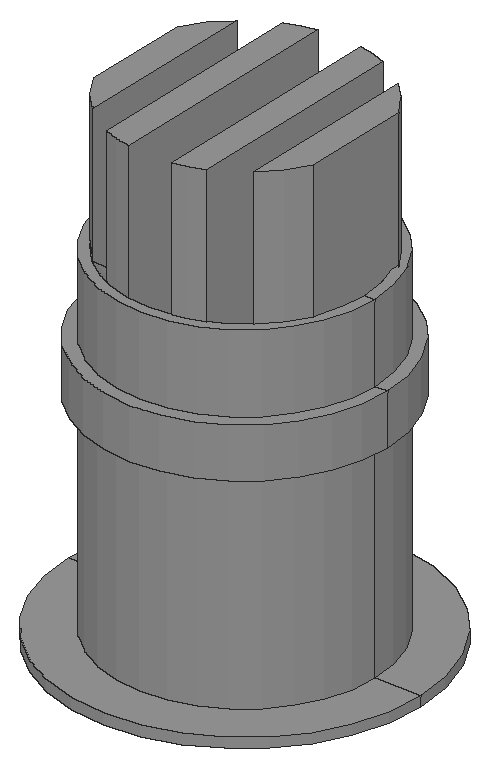
Revit family "Artemide_Everything_35", category Lighting Fixtures, Revit 2018 (continued)
Types (24, lengths in mm): name | Wattage | V_Square | V_Round | Radius_RoundVoidReal | Photometric Web File | built-in parameter 1150142 | M_Louvre | M_HousingLed | built-in parameter 1150105 | Lumens | built-in parameter 1150107 | built-in parameter 1150106 | Product Model Number | Overall Width | Output Lumens Direct light | Input Lumens Direct light | Initial Lumens | IES Files  | Housing Colour  | Face Shape | Efficiency | built-in parameter 1150104 | Distance_SquareVoidReal | Colour Temperature
  Everything_35_Square_14°_2700K_Black_NL4203110Y004 | 1.4 W | yes | no | 0.3 | "NL4203110Y004.IES" | "IESNA:LM-63-2002\r\n[TEST] FTS1602940\r\n[TESTLAB] ARTEMIDE\r\n[TESTDATE] 18 Feb 2015\r\n[ISSUEDATE] 18 Feb 2015\r\n[MANUFAC] ARTEMIDE\r\n[LUMCAT] NL4203110Y004\r\n[LUMINAIRE] Everything 35 square 14° - cornice nera- 2700K\r\n[FLASHAREA] 0.000092\r\n[LAMPCAT] LED Flux=90lm  LED Power=1,4W Eff=74% EfcLed=64lm/W EfcLum=48lm/W Ra=90 SDCM=2 L70(6K)=39300\r\n[LAMP] LED Flux=90lm  LED Power=1,4W Eff=74% EfcLed=64lm/W EfcLum=48lm/W Ra=90 SDCM=2 L70(6K)=39300\r\nTILT=NONE\r\n1 66.60 1.0 91 1 1 2 -0.022 -0.022 0.000\r\n1.00 1.00 1.40\r\n0.00 1.00 2.00 3.00 4.00 5.00 6.00 7.00 8.00 9.00 10.00 \r\n11.00 12.00 13.00 14.00 15.00 16.00 17.00 18.00 19.00 \r\n20.00 21.00 22.00 23.00 24.00 25.00 26.00 27.00 28.00 \r\n29.00 30.00 31.00 32.00 33.00 34.00 35.00 36.00 37.00 \r\n38.00 39.00 40.00 41.00 42.00 43.00 44.00 45.00 46.00 \r\n47.00 48.00 49.00 50.00 51.00 52.00 53.00 54.00 55.00 \r\n56.00 57.00 58.00 59.00 60.00 61.00 62.00 63.00 64.00 \r\n65.00 66.00 67.00 68.00 69.00 70.00 71.00 72.00 73.00 \r\n74.00 75.00 76.00 77.00 78.00 79.00 80.00 81.00 82.00 \r\n83.00 84.00 85.00 86.00 87.00 88.00 89.00 90.00 \r\n0.00 \r\n911.43 896.83 852.69 783.96 699.87 607.77 512.89 418.66 \r\n329.79 250.90 186.96 137.12 99.41 72.56 53.54 40.91 32.22 \r\n26.28 22.30 19.51 17.55 15.98 14.59 13.41 12.32 11.27 \r\n10.30 9.38 8.46 7.62 6.80 6.14 5.49 4.89 4.29 3.73 3.23 \r\n2.76 2.36 1.95 1.56 1.20 0.90 0.69 0.54 0.47 0.40 0.34 \r\n0.27 0.22 0.17 0.12 0.07 0.04 0.02 0.01 0.00 0.00 0.00 \r\n0.00 0.00 0.00 0.00 0.00 0.00 0.00 0.00 0.00 0.00 0.00 \r\n0.00 0.00 0.00 0.00 0.00 0.00 0.00 0.00 0.00 0.00 0.00 \r\n0.00 0.00 0.00 0.00 0.00 0.00 0.00 0.00 0.00 0.00 \r\n" | Artemide_Aluminum_Black | Artemide_Aluminum_Black | 458.84 (stored number, unit not read) | 95.76 lm | 2700 (stored number, unit not read) | 4.5884 (stored number, unit not read) | "NL4203110Y004" | 35 | 67 | 90 | 67 | "https://www.artemide.com/product/downloadFile/4342871/ieseu/4916643" | "Black" | "Square" | 76 | 6.3546 (stored number, unit not read) | 24.881 | 2700
  Everything_35_Square_14°_2700K_Silver_NL4203110Y002 | 1.4 W | yes | no | 0.3 | "NL4203110Y002.IES" | "IESNA:LM-63-2002\r\n[TEST] FTS1602938\r\n[TESTLAB] ARTEMIDE\r\n[TESTDATE] 18 Feb 2015\r\n[ISSUEDATE] 18 Feb 2015\r\n[MANUFAC] ARTEMIDE\r\n[LUMCAT] NL4203110Y002\r\n[LUMINAIRE] Everything 35 square 14° - cornice grigia- 2700K\r\n[FLASHAREA] 0.000092\r\n[LAMPCAT] LED Flux=90lm  LED Power=1,4W Eff=76% EfcLed=64lm/W EfcLum=49lm/W Ra=90 SDCM=2 L70(6K)=39300\r\n[LAMP] LED Flux=90lm  LED Power=1,4W Eff=76% EfcLed=64lm/W EfcLum=49lm/W Ra=90 SDCM=2 L70(6K)=39300\r\nTILT=NONE\r\n1 68.40 1.0 91 1 1 2 -0.022 -0.022 0.000\r\n1.00 1.00 1.40\r\n0.00 1.00 2.00 3.00 4.00 5.00 6.00 7.00 8.00 9.00 10.00 \r\n11.00 12.00 13.00 14.00 15.00 16.00 17.00 18.00 19.00 \r\n20.00 21.00 22.00 23.00 24.00 25.00 26.00 27.00 28.00 \r\n29.00 30.00 31.00 32.00 33.00 34.00 35.00 36.00 37.00 \r\n38.00 39.00 40.00 41.00 42.00 43.00 44.00 45.00 46.00 \r\n47.00 48.00 49.00 50.00 51.00 52.00 53.00 54.00 55.00 \r\n56.00 57.00 58.00 59.00 60.00 61.00 62.00 63.00 64.00 \r\n65.00 66.00 67.00 68.00 69.00 70.00 71.00 72.00 73.00 \r\n74.00 75.00 76.00 77.00 78.00 79.00 80.00 81.00 82.00 \r\n83.00 84.00 85.00 86.00 87.00 88.00 89.00 90.00 \r\n0.00 \r\n782.08 772.52 744.16 696.84 633.47 559.41 480.21 399.67 \r\n323.82 256.40 200.60 154.39 117.10 88.44 67.07 51.56 \r\n40.40 32.19 26.49 22.50 19.66 17.55 15.76 14.34 13.08 \r\n11.99 11.03 10.10 9.25 8.47 7.74 7.08 6.47 5.88 5.27 4.69 \r\n4.10 3.59 3.11 2.67 2.26 1.88 1.53 1.30 1.16 1.06 0.98 \r\n0.90 0.83 0.76 0.69 0.63 0.58 0.52 0.46 0.41 0.38 0.35 \r\n0.28 0.21 0.14 0.07 0.00 0.00 0.00 0.00 0.00 0.00 0.00 \r\n0.00 0.00 0.00 0.00 0.00 0.00 0.00 0.00 0.00 0.00 0.00 \r\n0.00 0.00 0.00 0.00 0.00 0.00 0.00 0.00 0.00 0.00 0.00 \r\n" | Artemide_Aluminum_BrushedSilver | Artemide_Aluminum_BrushedSilver | 458.84 (stored number, unit not read) | 95.76 lm | 2700 (stored number, unit not read) | 4.5884 (stored number, unit not read) | "NL4203110Y002" | 35 | 68 | 90 | 68 | "https://www.artemide.com/product/downloadFile/4343079/ieseu/4916544" | "Silver" | "Square" | 76 | 6.3546 (stored number, unit not read) | 24.881 | 2700
  Everything_35_Square_24°_2700K_White_NL4203125Y006 | 1.4 W | yes | no | 0.3 | "NL4203125Y006.IES" | "IESNA:LM-63-2002\r\n[TEST] FTS1602937\r\n[TESTLAB] ARTEMIDE\r\n[TESTDATE] 19 Feb 2015\r\n[ISSUEDATE] 19 Feb 2015\r\n[MANUFAC] ARTEMIDE\r\n[LUMCAT] NL4203125Y006\r\n[LUMINAIRE] Everything 35 square 24° - cornice bianca - 2700K\r\n[FLASHAREA] 0.000092\r\n[LAMPCAT] LED Flux=90lm  LED Power=1,4W Eff=78% EfcLed=64lm/W EfcLum=50lm/W Ra=90 SDCM=2 L70(6K)=39300\r\n[LAMP] LED Flux=90lm  LED Power=1,4W Eff=78% EfcLed=64lm/W EfcLum=50lm/W Ra=90 SDCM=2 L70(6K)=39300\r\nTILT=NONE\r\n1 70.20 1.0 91 1 1 2 -0.022 -0.022 0.000\r\n1.00 1.00 1.40\r\n0.00 1.00 2.00 3.00 4.00 5.00 6.00 7.00 8.00 9.00 10.00 \r\n11.00 12.00 13.00 14.00 15.00 16.00 17.00 18.00 19.00 \r\n20.00 21.00 22.00 23.00 24.00 25.00 26.00 27.00 28.00 \r\n29.00 30.00 31.00 32.00 33.00 34.00 35.00 36.00 37.00 \r\n38.00 39.00 40.00 41.00 42.00 43.00 44.00 45.00 46.00 \r\n47.00 48.00 49.00 50.00 51.00 52.00 53.00 54.00 55.00 \r\n56.00 57.00 58.00 59.00 60.00 61.00 62.00 63.00 64.00 \r\n65.00 66.00 67.00 68.00 69.00 70.00 71.00 72.00 73.00 \r\n74.00 75.00 76.00 77.00 78.00 79.00 80.00 81.00 82.00 \r\n83.00 84.00 85.00 86.00 87.00 88.00 89.00 90.00 \r\n0.00 \r\n336.37 334.35 328.76 320.57 310.31 297.76 283.12 266.16 \r\n247.97 228.09 207.44 186.30 165.40 145.59 126.47 108.67 \r\n92.61 78.22 65.65 54.74 45.35 37.45 30.85 25.65 21.40 \r\n18.05 15.40 13.25 11.52 10.10 8.89 7.90 6.98 6.19 5.51 \r\n4.88 4.35 3.87 3.43 3.04 2.69 2.38 2.10 1.87 1.68 1.49 \r\n1.35 1.25 1.15 1.07 0.99 0.92 0.86 0.82 0.77 0.71 0.66 \r\n0.61 0.56 0.50 0.45 0.40 0.36 0.33 0.31 0.27 0.25 0.20 \r\n0.18 0.16 0.13 0.09 0.05 0.03 0.00 0.00 0.00 0.00 0.00 \r\n0.00 0.00 0.00 0.00 0.00 0.00 0.00 0.00 0.00 0.00 0.00 \r\n0.00 \r\n" | Artemide_Aluminum_White | Artemide_Aluminum_White | 1123.7 (stored number, unit not read) | 98.28 lm | 2700 (stored number, unit not read) | 11.237 (stored number, unit not read) | "NL4203125Y006" | 35 | 70 | 90 | 70 | "https://www.artemide.com/product/downloadFile/4343287/ieseu/4916777" | "White" | "Square" | 78 | 6.5218 (stored number, unit not read) | 24.881 | 2700
  Everything_35_Square_24°_2700K_Black_NL4203125Y004 | 1.4 W | yes | no | 0.3 | "NL4203125Y004.IES" | "IESNA:LM-63-2002\r\n[TEST] FTS1602941\r\n[TESTLAB] ARTEMIDE\r\n[TESTDATE] 19 Feb 2015\r\n[ISSUEDATE] 19 Feb 2015\r\n[MANUFAC] ARTEMIDE\r\n[LUMCAT] NL4203125Y004\r\n[LUMINAIRE] Everything 35 square 24° - cornice nera - 2700K\r\n[FLASHAREA] 0.000092\r\n[LAMPCAT] LED Flux=90lm  LED Power=1,4W Eff=74% EfcLed=64lm/W EfcLum=48lm/W Ra=90 SDCM=2 L70(6K)=39300\r\n[LAMP] LED Flux=90lm  LED Power=1,4W Eff=74% EfcLed=64lm/W EfcLum=48lm/W Ra=90 SDCM=2 L70(6K)=39300\r\nTILT=NONE\r\n1 66.32 1.0 91 1 1 2 -0.022 -0.022 0.000\r\n1.00 1.00 1.40\r\n0.00 1.00 2.00 3.00 4.00 5.00 6.00 7.00 8.00 9.00 10.00 \r\n11.00 12.00 13.00 14.00 15.00 16.00 17.00 18.00 19.00 \r\n20.00 21.00 22.00 23.00 24.00 25.00 26.00 27.00 28.00 \r\n29.00 30.00 31.00 32.00 33.00 34.00 35.00 36.00 37.00 \r\n38.00 39.00 40.00 41.00 42.00 43.00 44.00 45.00 46.00 \r\n47.00 48.00 49.00 50.00 51.00 52.00 53.00 54.00 55.00 \r\n56.00 57.00 58.00 59.00 60.00 61.00 62.00 63.00 64.00 \r\n65.00 66.00 67.00 68.00 69.00 70.00 71.00 72.00 73.00 \r\n74.00 75.00 76.00 77.00 78.00 79.00 80.00 81.00 82.00 \r\n83.00 84.00 85.00 86.00 87.00 88.00 89.00 90.00 \r\n0.00 \r\n327.12 325.18 320.76 313.53 304.28 292.58 278.66 262.19 \r\n244.21 224.54 204.07 183.14 162.40 142.60 123.60 106.07 \r\n90.14 75.89 63.60 52.82 43.63 35.89 29.43 24.32 20.17 \r\n16.89 14.26 12.16 10.47 9.08 7.90 6.90 6.02 5.24 4.57 \r\n3.99 3.44 2.97 2.55 2.14 1.81 1.51 1.23 1.00 0.80 0.61 \r\n0.50 0.39 0.30 0.21 0.14 0.07 0.00 0.00 0.00 0.00 0.00 \r\n0.00 0.00 0.00 0.00 0.00 0.00 0.00 0.00 0.00 0.00 0.00 \r\n0.00 0.00 0.00 0.00 0.00 0.00 0.00 0.00 0.00 0.00 0.00 \r\n0.00 0.00 0.00 0.00 0.00 0.00 0.00 0.00 0.00 0.00 0.00 \r\n0.00 \r\n" | Artemide_Aluminum_Black | Artemide_Aluminum_Black | 470.92 (stored number, unit not read) | 98.28 lm | 2700 (stored number, unit not read) | 4.7092 (stored number, unit not read) | "NL4203125Y004" | 35 | 66 | 90 | 66 | "https://www.artemide.com/product/downloadFile/4343485/ieseu/4917093" | "Black" | "Square" | 78 | 6.5218 (stored number, unit not read) | 24.881 | 2700
  Everything_35_Square_24°_2700K_Silver_NL4203125Y002 | 1.4 W | yes | no | 0.3 | "NL4203125Y002.IES" | "IESNA:LM-63-2002\r\n[TEST] FTS1602939\r\n[TESTLAB] ARTEMIDE\r\n[TESTDATE] 19 Feb 2015\r\n[ISSUEDATE] 19 Feb 2015\r\n[MANUFAC] ARTEMIDE\r\n[LUMCAT] NL4203125Y002\r\n[LUMINAIRE] Everything 35 square 24° - cornice grigia - 2700K\r\n[FLASHAREA] 0.000092\r\n[LAMPCAT] LED Flux=90lm  LED Power=1,4W Eff=76% EfcLed=64lm/W EfcLum=49lm/W Ra=90 SDCM=2 L70(6K)=39300\r\n[LAMP] LED Flux=90lm  LED Power=1,4W Eff=76% EfcLed=64lm/W EfcLum=49lm/W Ra=90 SDCM=2 L70(6K)=39300\r\nTILT=NONE\r\n1 68.40 1.0 91 1 1 2 -0.022 -0.022 0.000\r\n1.00 1.00 1.40\r\n0.00 1.00 2.00 3.00 4.00 5.00 6.00 7.00 8.00 9.00 10.00 \r\n11.00 12.00 13.00 14.00 15.00 16.00 17.00 18.00 19.00 \r\n20.00 21.00 22.00 23.00 24.00 25.00 26.00 27.00 28.00 \r\n29.00 30.00 31.00 32.00 33.00 34.00 35.00 36.00 37.00 \r\n38.00 39.00 40.00 41.00 42.00 43.00 44.00 45.00 46.00 \r\n47.00 48.00 49.00 50.00 51.00 52.00 53.00 54.00 55.00 \r\n56.00 57.00 58.00 59.00 60.00 61.00 62.00 63.00 64.00 \r\n65.00 66.00 67.00 68.00 69.00 70.00 71.00 72.00 73.00 \r\n74.00 75.00 76.00 77.00 78.00 79.00 80.00 81.00 82.00 \r\n83.00 84.00 85.00 86.00 87.00 88.00 89.00 90.00 \r\n0.00 \r\n331.28 329.23 324.42 318.16 309.36 297.92 283.78 267.39 \r\n249.18 228.88 207.61 186.07 164.70 144.12 124.30 106.11 \r\n89.94 75.54 63.13 52.33 43.14 35.61 29.39 24.48 20.45 \r\n17.31 14.84 12.83 11.24 9.90 8.76 7.79 6.88 6.12 5.43 \r\n4.81 4.25 3.74 3.30 2.88 2.52 2.21 1.88 1.63 1.41 1.23 \r\n1.09 0.97 0.85 0.76 0.67 0.60 0.52 0.47 0.41 0.36 0.31 \r\n0.25 0.20 0.14 0.09 0.04 0.02 0.00 0.00 0.00 0.00 0.00 \r\n0.00 0.00 0.00 0.00 0.00 0.00 0.00 0.00 0.00 0.00 0.00 \r\n0.00 0.00 0.00 0.00 0.00 0.00 0.00 0.00 0.00 0.00 0.00 \r\n0.00 \r\n" | Artemide_Aluminum_BrushedSilver | Artemide_Aluminum_BrushedSilver | 470.92 (stored number, unit not read) | 98.28 lm | 2700 (stored number, unit not read) | 4.7092 (stored number, unit not read) | "NL4203125Y002" | 35 | 68 | 90 | 68 | "https://www.artemide.com/product/downloadFile/4343683/ieseu/4916599" | "Silver" | "Square" | 78 | 6.5218 (stored number, unit not read) | 24.881 | 2700
